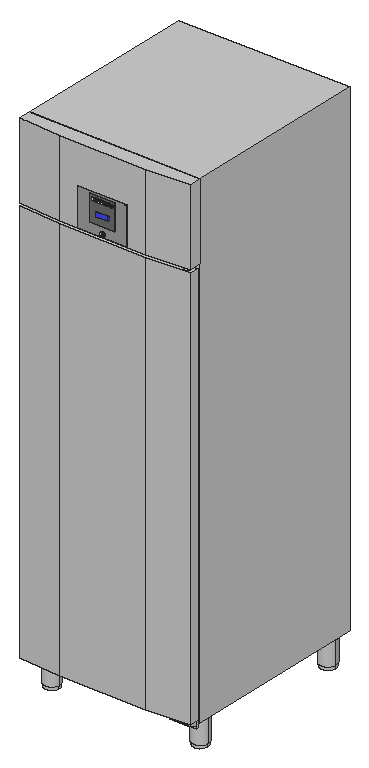
Revit family "QF_LIEBHERR_GKPv 6570.191129125312", category Specialty Equipment, Revit 2016
Family settings
  Part Type = Normal
  Round Connector Dimension = Use Diameter
  OmniClass Number = 23.40.40.14
  OmniClass Title = Food Service Equipment
  Work Plane-Based = No
  Always vertical = Yes
  Cut with Voids When Loaded = No
  Shared = No
  Room Calculation Point = No
Parameters (values of type "GKPv 6570_230V/1Ph/50Hz")
  URL catalogue = ""
  URL = "home.liebherr.com"
  Type de Raccord Electrique [instance] = ""
  Type article [instance] = ""
  Tension = 230 V
  Status [instance] = ""
  Spécification technique = ""
  Spécification du Fabricant [instance] = ""
  Spécification de l'Utilisateur [instance] = ""
  SMACNA No spécifique pour les matériaux  Etats Unis = ""
  Quantité par lot [instance] = no
  Puissance électrique  = 150 W
  Puissance en CV = ""
  Puissance Apparente = 150 VA
  Protection de l'Appareil = 0 A
  Profondeur hors tout = 830 mm
  Poids net à vide = 117.00 kg
  Phase = 1
  Numéro de Série = ""
  Nombres de Pôles = 2
  Nombre d'identification NAFEM = ""
  Model = "GKPv 6570"
  Manufacturer = "LIEBHERR"
  Longueur hors tout = 700 mm
  Intensité nominale courant electrique = 2 A
  Installé Par [instance] = ""
  Identifiant Equipement [instance] = no
  Hauteur hors tout = 2120 mm
  Hauteur de Raccordement du Sol Finis [instance] = 1700 mm
  Hauteur de Raccordement du Sol Brut [instance] = 0 mm
  Fréquence = 50 Hz
  Fournis Par [instance] = ""
  Description = "GN FRIDGE GKPV 6570, -2/+15°C, S/STEEL EXTERIOR & INTERIOR, 465 L NET"
  Câble de connexion à l'appareil inclus = no
  Cost = 0
  Consommation d'énergie minimale = 0 A
  Connexion prise électrique  = ""
  Code de Révision [instance] = ""
  Classification dans le projet = ""
  Classement sismique = ""
  Accessoires = no
Reference planes
  plane 1 "Centre (avant/arrière)": y = 0
  plane 2: z = 0
  plane 3 "Centre (gauche/droite)": x = 0
Forms (mm)
  Extrusion 1, solid, not visible
    sketch origin (649, -2, 1819) x (1, 0, 0) y (0, 1, 0)
      loop
        line (0, 0) -> (2, 0) -> (2, 2) -> (0, 2) -> (0, 0)
    from 0 to 2
Dimensions and locks
  aligned and locked: level to plane 2
Nested families
  nested 1: "QF_LIEBHERR_GKPv 6570_230V_1Ph_50Hz" at (0, 0, 120), type "GKPv 6570_230V/1Ph/50Hz"
    with Show Logo yes, Show Clearance yes
  nested 2: "QF_LIEBHERR_BGPV6570_DOOR_RX" at (0, 0, 120), type "BGPV6570_DOOR_RX"
    with Show Logo yes, Show Clearance yes
  nested 3: "QF_LIEBHERR_BGPV6570_LEGS" at (0, 0, 0), type "BGPV6570_LEGS"
    with Show Logo yes, Show Clearance yes
Connectors
  electrical at (650, 0, 1820), driven by "Puissance Apparente", driven by "Nombres de Pôles", driven by "Tension"
    settings: on Extrusion 1, index 1, voltage 230 V, apparent load 0 VA, apparent load phase1 150 VA, apparent load phase2 0 VA, apparent load phase3 0 VA, power factor 1, load classification "Other", number of poles 2, system type 31, power factor state 1, is connector primary yes, connector utility no, sub classification motor no, connector description "Electric connection for 'GKPV 6570'"
Definition of nested family "QF_LIEBHERR_GKPv 6570_230V_1Ph_50Hz"
  Parameters (values of type "GKPv 6570_230V/1Ph/50Hz")
    URL = "home.liebherr.com"
    Show Logo [instance] = yes
    Show Clearance [instance] = yes
    Model = "GKPv 6570"
    Manufacturer = "LIEBHERR"
    Description = "GN FREEZER GGPV 6570, -10/-30°C, S/STEEL EXTERIOR & INTERIOR, 465 L NET"
    Assembly Code = "E1090320"
  Types (6, lengths in mm): name | Model | Description
    BGPv 6570 | "BGPv 6570" | "BAKERY FREEZER BGPV 6570, -10/-30°C, S/STEEL EXTERIOR & INTERIOR, 365 L NET"
    BKPv 6570 | "BKPv 6570" | "BAKERY FRIDGE BKPV 6570, -5/+15°C, S/STEEL EXTERIOR & INTERIOR, 365 L NET"
    GGPv 6570 | "GGPv 6570" | "GN FRIDGE GKPV 6570, -2/+15°C, S/STEEL EXTERIOR & INTERIOR, 465 L NET"
    GGPv 6590 | "GGPv 6590" | "GN FRIDGE GKPV 6590, -2/+15°C, S/STEEL EXTERIOR & INTERIOR, 465 L NET"
    GKPv 6570_230V/1Ph/50Hz | "GKPv 6570" | "GN FREEZER GGPV 6570, -10/-30°C, S/STEEL EXTERIOR & INTERIOR, 465 L NET"
    GKPv 6590 | "GKPv 6590" | "GN FREEZER GGPV 6590, -10/-30°C, S/STEEL EXTERIOR & INTERIOR, 465 L NET"
  Reference planes
    plane 1 "Back": y = 0
    plane 2: z = 0
    plane 3 "Left": x = 0
    plane 4 "Right": x = 700
    plane 5 "Front": y = -830
    plane 6 "Top": z = 2000
  Forms (mm)
    Extrusion 1, solid
      sketch origin (0, 0, -113) x (1, 0, 0) y (0, 1, 0)
        loop
          line (0, -767) -> (0, -816.625) -> (171.985, -830) -> (527.99, -830) -> (700, -816.625) -> (700, -767) -> (0, -767)
      from 1801 to 2113
    Extrusion 2, solid
      sketch origin (0, 0, -113) x (0, 1, 0) y (0, 0, 1)
        loop
          line (-767, 2113) -> (-767, 113) -> (0, 113) -> (0, 2113) -> (-767, 2113)
      from 0 to 700
    Extrusion 3, solid
      sketch origin (0, -829, -113) x (1, 0, 0) y (0, 0, 1)
        loop
          line (249.988, 1957) -> (249.988, 1801) -> (449.988, 1801) -> (449.988, 1957) -> (249.988, 1957)
      from 0 to 2
    Extrusion 4, solid
      sketch origin (0, -830, -113) x (1, 0, 0) y (0, 0, 1)
        loop
          line (297.988, 1947) -> (297.988, 1841) -> (401.988, 1841) -> (401.988, 1947) -> (297.988, 1947)
      from 0 to 2
    Extrusion 5, solid
      sketch origin (0, -831, -113) x (1, 0, 0) y (0, 0, 1)
        loop
          line (374.988, 1890) -> (324.988, 1890) -> (324.988, 1871) -> (374.988, 1871) -> (374.988, 1890)
      from 0 to 2
    Extrusion 6, solid, visible <- "Show Logo"
      sketch origin (0, -831, -113) x (1, 0, 0) y (0, 0, 1)
        loop
          line (309.542, 1937.598) -> (309.542, 1926.598) -> (317.534, 1926.598) -> (317.534, 1929.598) -> (314.534, 1929.598) -> (314.534, 1937.598) -> (309.542, 1937.598)
        loop
          line (318.542, 1937.598) -> (318.542, 1926.598) -> (323.534, 1926.598) -> (323.534, 1937.598) -> (318.542, 1937.598)
        loop
          line (325.425, 1937.598) -> (325.425, 1926.598) -> (332.444, 1926.598) -> (332.444, 1929.098) -> (330.418, 1929.098) -> (330.418, 1931.098) -> (332.444, 1931.098) -> (332.444, 1933.098) -> (330.418, 1933.098) -> (330.418, 1935.098) -> (332.444, 1935.098) -> (332.444, 1937.598) -> (325.425, 1937.598)
        loop
          line (334.425, 1937.598) -> (334.425, 1926.598) -> (341.444, 1926.598)
          arc (341.444, 1926.598) -> (344.324, 1928.719) -> (343.152, 1932.098) r 3.015
          arc (343.152, 1932.098) -> (344.324, 1935.477) -> (341.444, 1937.598) r 3.015
          line (341.444, 1937.598) -> (334.425, 1937.598)
        loop
          line (340.389, 1935.098) -> (339.418, 1935.098) -> (339.418, 1933.098) -> (340.389, 1933.098)
          arc (340.389, 1933.098) -> (341.389, 1934.098) -> (340.389, 1935.098) r 1
        loop
          arc (340.456, 1929.098) -> (341.456, 1930.098) -> (340.456, 1931.098) r 1
          line (340.456, 1931.098) -> (339.418, 1931.098) -> (339.418, 1929.098) -> (340.456, 1929.098)
        loop
          line (346.398, 1937.598) -> (346.398, 1926.598) -> (351.391, 1926.598) -> (351.391, 1931.098) -> (353.417, 1931.098) -> (353.417, 1926.598) -> (358.41, 1926.598) -> (358.41, 1937.598) -> (353.417, 1937.598) -> (353.417, 1933.098) -> (351.391, 1933.098) -> (351.391, 1937.598) -> (346.398, 1937.598)
        loop
          line (359.811, 1937.598) -> (359.811, 1926.598) -> (366.83, 1926.598) -> (366.83, 1929.098) -> (364.803, 1929.098) -> (364.803, 1931.098) -> (366.83, 1931.098) -> (366.83, 1933.098) -> (364.803, 1933.098) -> (364.803, 1935.098) -> (366.83, 1935.098) -> (366.83, 1937.598) -> (359.811, 1937.598)
        loop
          line (368.822, 1937.598) -> (368.822, 1926.598) -> (373.814, 1926.598) -> (373.814, 1929.098) -> (374.887, 1926.598) -> (379.88, 1926.598) -> (378.318, 1930.237)
          arc (378.318, 1930.237) -> (379.724, 1934.807) -> (375.841, 1937.598) r 4.097
          line (375.841, 1937.598) -> (368.822, 1937.598)
        loop
          line (374.786, 1935.098) -> (373.814, 1935.098) -> (373.814, 1932.141) -> (374.786, 1932.141)
          arc (374.786, 1932.141) -> (376.264, 1933.619) -> (374.786, 1935.098) r 1.479
        loop
          line (381.56, 1937.598) -> (381.56, 1926.598) -> (386.553, 1926.598) -> (386.553, 1929.098) -> (387.626, 1926.598) -> (392.618, 1926.598) -> (391.057, 1930.237)
          arc (391.057, 1930.237) -> (392.463, 1934.807) -> (388.58, 1937.598) r 4.097
          line (388.58, 1937.598) -> (381.56, 1937.598)
        loop
          line (387.524, 1935.098) -> (386.553, 1935.098) -> (386.553, 1932.141) -> (387.524, 1932.141)
          arc (387.524, 1932.141) -> (389.003, 1933.619) -> (387.524, 1935.098) r 1.479
      from 0 to 2
    Extrusion 7, solid
      sketch origin (0, 0, -120) x (1, 0, 0) y (0, 0, 1)
        loop
          circle (650, 1700) r 5
      from 0 to -5
    Extrusion 8, solid
      sketch origin (1321.538, -831.588, 926.938) x (-1, 0, 0) y (0, 0, 1)
        loop
          circle (971.55, 773.43) r 9.525
      from 0 to 1.588
    Extrusion 9, solid
      sketch origin (1321.538, -831.588, 926.938) x (-1, 0, 0) y (0, 0, 1)
        loop
          circle (971.55, 773.43) r 7.53
        loop
          line (972.187, 776.799) -> (970.913, 776.799) -> (970.913, 770.061) -> (972.187, 770.061) -> (972.187, 776.799)
      from 0 to -2.342
  Lines and regions (mm)
    symbolic lines
      curve 1: line (0, 0, 0) -> (700, 0, 0)
      curve 2: line (700, 0, 0) -> (700, -816.625, 0)
      curve 3: line (700, -816.625, 0) -> (527.99, -830, 0)
      curve 4: line (527.99, -830, 0) -> (171.985, -830, 0)
      curve 5: line (171.985, -830, 0) -> (0, -816.625, 0)
      curve 6: line (0, -816.625, 0) -> (0, 0, 0)
      curve 7: line (0, -767, 0) -> (700, -767, 0)
  Dimensions and locks
    plane 3 "Left" to plane 4 "Right" = 700 mm
    plane 5 "Front" to plane 1 "Back" = 830 mm
    plane 6 "Top" to level = 2000 mm
    aligned and locked: level to plane 2
  Connectors
    electrical at (650, 0, 1580)
      settings: on Extrusion 7, index 1, voltage 0 V, apparent load 0 VA, apparent load phase1 0 VA, apparent load phase2 0 VA, apparent load phase3 0 VA, power factor 1, load classification none, number of poles 1, system type 31, power factor state 1, is connector primary yes, connector utility no, sub classification motor no, connector description "Electrical connection"
Definition of nested family "QF_LIEBHERR_BGPV6570_DOOR_RX"
  Parameters (values of type "BGPV6570_DOOR_RX")
    URL catalogue [instance] = ""
    URL = "home.liebherr.com"
    Status [instance] = ""
    Spécification technique [instance] = ""
    Spécification du Fabricant [instance] = ""
    Spécification de l'Utilisateur [instance] = ""
    Show Logo [instance] = yes
    Show Clearance [instance] = yes
    SMACNA No spécifique pour les matériaux  Etats Unis [instance] = ""
    Quantité par lot [instance] = no
    Profondeur hors tout [instance] = 63 mm
    Poids net à vide [instance] = 0.00 kg
    Numéro de Série [instance] = ""
    Nombre d'identification NAFEM [instance] = ""
    Model = "BGPV6570_DOOR_RX"
    Manufacturer = "LIEBHERR"
    Longueur hors tout [instance] = 700 mm
    Installé Par [instance] = ""
    Identifiant Equipement [instance] = no
    Hauteur hors tout [instance] = 1662 mm
    Fournis Par [instance] = ""
    Description = "DOOR WITH RIGHT OPENING"
    Cost = 0
    Code de Révision [instance] = ""
    Classification dans le projet [instance] = ""
    Classement sismique [instance] = ""
    Assembly Code = "E1090320"
    Accessoires [instance] = yes
  Reference planes
    plane 1 "Back": y = 0
    plane 2: z = 0
    plane 3 "Left": x = 0
    plane 4 "Right": x = 700
    plane 5 "Front": y = -830
    plane 6 "Top": z = 1688
  Forms (mm)
    Extrusion 1, solid
      sketch origin (0, 0, -437) x (1, 0, 0) y (0, 1, 0)
        loop
          line (0, -781) -> (0, -816.625) -> (171.985, -830) -> (527.99, -830) -> (700, -816.625) -> (700, -781) -> (0, -781)
      from 451 to 2113
    Extrusion 2, solid
      sketch origin (-29.99, -92.898, 104.715) x (0, 1, 0) y (0, 0, 1)
        loop
          line (-688.102, 1556.285) -> (-688.102, -75.715) -> (-674.102, -75.715) -> (-674.102, 1556.285) -> (-688.102, 1556.285)
      from 44.99 to 714.99
    Extrusion 3, solid
      sketch origin (-56.014, -92.898, -32.168) x (0, 1, 0) y (0, 0, 1)
        loop
          line (-680.221, 13.941) -> (-680.221, 39.157) -> (-723.896, 39.157) -> (-680.221, 13.941)
      from 672.942 to 677.942
    Extrusion 4, solid
      sketch origin (-34.086, -89.604, -32.168) x (1, 0, 0) y (0, 1, 0)
        loop
          circle (709.086, -713.896) r 10
      from 42.671 to 46.168
    Extrusion 5, solid
      sketch origin (-34.086, -89.604, 1633.329) x (1, 0, 0) y (0, 1, 0)
        loop
          circle (709.086, -713.896) r 10
      from 42.671 to 54.671
    Extrusion 6, solid
      sketch origin (693.986, -92.898, -32.168) x (0, 1, 0) y (0, 0, -1)
        loop
          line (-674.102, -7.53) -> (-680.221, -7.53) -> (-680.221, -39.157) -> (-723.896, -39.157) -> (-723.896, -42.671) -> (-674.102, -42.671) -> (-674.102, -7.53)
      from 4.769 to 77.058
    Extrusion 7, solid
      sketch origin (1362.159, -92.898, -32.168) x (0, 1, 0) y (0, 0, -1)
        loop
          line (-680.221, -13.941) -> (-723.896, -39.157) -> (-680.221, -39.157) -> (-680.221, -13.941)
      from 672.942 to 677.942
    Extrusion 8, solid
      sketch origin (1328.514, -92.898, -32.168) x (0, 1, 0) y (0, 0, -1)
        loop
          line (-680.221, -13.941) -> (-723.896, -39.157) -> (-680.221, -39.157) -> (-680.221, -13.941)
      from 672.942 to 677.942
    Extrusion 9, solid, visible <- "Show Clearance", detail levels coarse
      sketch origin (0, 0, 0) x (1, 0, 0) y (0, 1, 0)
        loop
          arc (0, -830) -> (194.431, -1283.965) -> (640, -1496.933) r 700.694
          line (640, -1496.933) -> (700, -1496.933) -> (700, -830) -> (0, -830)
      from 14 to 1676
  Lines and regions (mm)
    symbolic lines, visible <- "Show Clearance"
      curve 1: arc (-0.469, -816.588, 0) -> (189.808, -1279.101, 0) -> (640, -1496.933, 0) r 700.694
      curve 2: line (700, -1496.933, 0) -> (700, -816.625, 0)
      curve 3: line (640, -1496.933, 0) -> (640, -821.29, 0)
      curve 4: line (640, -1496.933, 0) -> (700, -1496.933, 0)
  Dimensions and locks
    plane 3 "Left" to plane 4 "Right" = 700 mm
    plane 5 "Front" to plane 1 "Back" = 830 mm
    plane 6 "Top" to level = 1688 mm
    aligned and locked: level to plane 2
Definition of nested family "QF_LIEBHERR_BGPV6570_LEGS"
  Parameters (values of type "BGPV6570_LEGS")
    URL catalogue [instance] = ""
    URL = "home.liebherr.com"
    Status [instance] = ""
    Spécification technique [instance] = ""
    Spécification du Fabricant [instance] = ""
    Spécification de l'Utilisateur [instance] = ""
    Show Logo [instance] = yes
    Show Clearance [instance] = yes
    SMACNA No spécifique pour les matériaux  Etats Unis [instance] = ""
    Quantité par lot [instance] = no
    Profondeur hors tout [instance] = 830 mm
    Poids net à vide [instance] = 0.00 kg
    Numéro de Série [instance] = ""
    Nombre d'identification NAFEM [instance] = ""
    Model = "BGPV6570_LEGS"
    Manufacturer = "LIEBHERR"
    Longueur hors tout [instance] = 700 mm
    Installé Par [instance] = ""
    Identifiant Equipement [instance] = no
    Hauteur hors tout [instance] = 120 mm
    Fournis Par [instance] = ""
    Description = "STANDARD LEGS"
    Cost = 0
    Code de Révision [instance] = ""
    Classification dans le projet [instance] = ""
    Classement sismique [instance] = ""
    Assembly Code = "E1090320"
    Accessoires [instance] = yes
  Reference planes
    plane 1 "Back": y = 0
    plane 2: z = 0
    plane 3 "Left": x = 0
    plane 4 "Right": x = 700
    plane 5 "Front": y = -830
    plane 6 "Top": z = 120
  Forms (mm)
    Revolve 1, solid
      sketch origin (0, -54.25, 0) x (1, 0, 0) y (0, 0, 1)
        loop
          line (45, 0) -> (75, 0) -> (75, 14) -> (78.027, 14) -> (78.027, 113) -> (84.75, 113) -> (84.75, 120) -> (45, 120) -> (45, 0)
        axis (45, 120) -> (45, 0)
      angle from 0 to 360
    Revolve 2, solid
      sketch origin (610, -54.25, 0) x (1, 0, 0) y (0, 0, 1)
        loop
          line (45, 0) -> (75, 0) -> (75, 14) -> (78.027, 14) -> (78.027, 113) -> (84.75, 113) -> (84.75, 120) -> (45, 120) -> (45, 0)
        axis (45, 120) -> (45, 0)
      angle from 0 to 360
    Revolve 3, solid
      sketch origin (0, -709.05, 0) x (1, 0, 0) y (0, 0, 1)
        loop
          line (45, 0) -> (75, 0) -> (75, 14) -> (78.027, 14) -> (78.027, 113) -> (84.75, 113) -> (84.75, 120) -> (45, 120) -> (45, 0)
        axis (45, 120) -> (45, 0)
      angle from 0 to 360
    Revolve 4, solid
      sketch origin (610, -709.05, 0) x (1, 0, 0) y (0, 0, 1)
        loop
          line (45, 0) -> (75, 0) -> (75, 14) -> (78.027, 14) -> (78.027, 113) -> (84.75, 113) -> (84.75, 120) -> (45, 120) -> (45, 0)
        axis (45, 120) -> (45, 0)
      angle from 0 to 360
  Dimensions and locks
    plane 3 "Left" to plane 4 "Right" = 700 mm
    plane 5 "Front" to plane 1 "Back" = 830 mm
    plane 6 "Top" to level = 120 mm  (x2)
    aligned and locked: level to plane 2
